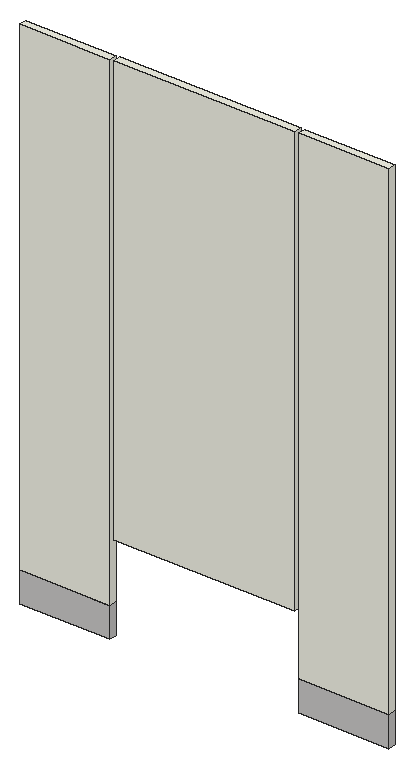
Revit family
Parameters (values of type "B-1181")
  URL = "http://www.bobrick.com"
  Partition Material = Laminated Plastic - Bobrick - Designer White
  Panel Value = if(DoorPanel Width < 1", 1", if(DoorPanel Width > 84", 84", DoorPanel Width))  # 24"
  Model = "B1181 DuraLineSeries Floor-Anchored"
  Manufacturer = "Bobrick Washroom Equipment, Inc."
  Inswing Value = if(DoorPanel Width < 22", 22", if(DoorPanel Width > 37", 37", DoorPanel Width))  # 24"
  DoorPanel Width = 24"
  Right Stile Width = 12"
  Right Stile Visible = yes
  Right Stile Value = if(Right Stile Width < 3", 3", if(Right Stile Width > 24", 24", Right Stile Width))  # 12"
  Panel = not(Door Panel)  # no
  Outswing Value = if(DoorPanel Width < 25", 25", if(DoorPanel Width > 37", 37", DoorPanel Width))  # 25"
  Outswing = and(not(Inswing Visibility), Door Panel)  # no
  Left Stile Width = 12"
  Left Stile Visible = yes
  Left Stile Value = if(Left Stile Width < 3", 3", if(Left Stile Width > 24", 24", Left Stile Width))  # 12"
  Inswing Visibility = and(Inswing, Door Panel)  # yes
  Inswing = yes
  Width Value = if(Inswing Visibility, Inswing Value, if(Outswing, Outswing Value, if(Panel, Panel Value, 36")))  # 24"
  Door Panel = yes
  Description = "Class A Fire-Resistant Solid Phenolic Partitions and Screens"
  Assembly Code = "C1030200"
  ADA Compliant = yes
Reference planes (in)
  plane 1 "Center (Front/Back)": y = 0
  plane 2: z = 0
  plane 3 "Center (Left/Right)": x = 0
  plane 4: x = -24.5
  plane 5: x = 24.5
  plane 6: y = 0.5
  plane 7: y = -0.5
  plane 8: x = -12.5
  plane 9: x = 12.5
  plane 10: x = -12
  plane 11: x = 12
  plane 12: z = 4
  plane 13: z = 12
  plane 14: z = 69
  plane 15: z = 40.5
  plane 16: y = 24.5
  plane 17: x = 11
Forms (in)
  Extrusion 1, solid, material "Laminated Plastic - Bobrick - Designer White" <- "Partition Material", visible <- "Left Stile Visible"
    sketch origin (0, 0, 0) x (1, 0, 0) y (0, 1, 0)
      loop
        line (-24.5, 0.5) -> (-24.5, -0.5) -> (-12.5, -0.5) -> (-12.5, 0.5) -> (-24.5, 0.5)
    from 4 to 69
  Extrusion 2, solid, material "Stainless Steel - Bobrick - Satin", visible <- "Left Stile Visible"
    sketch origin (0, 0, 0) x (1, 0, 0) y (0, 1, 0)
      loop
        line (-24.5, 0.5) -> (-24.5, -0.5) -> (-12.5, -0.5) -> (-12.5, 0.5) -> (-24.5, 0.5)
    from 0 to 4
  Extrusion 3, solid, material "Laminated Plastic - Bobrick - Designer White" <- "Partition Material"
    sketch origin (0, 0, 0) x (1, 0, 0) y (0, 1, 0)
      loop
        line (-12, 0.5) -> (-12, -0.5) -> (12, -0.5) -> (12, 0.5) -> (-12, 0.5)
    from 12 to 69
  Extrusion 4, solid, material "Laminated Plastic - Bobrick - Designer White" <- "Partition Material", visible <- "Right Stile Visible"
    sketch origin (0, 0, 0) x (-1, 0, 0) y (0, -1, 0)
      loop
        line (-24.5, -0.5) -> (-12.5, -0.5) -> (-12.5, 0.5) -> (-24.5, 0.5) -> (-24.5, -0.5)
    from 4 to 69
  Extrusion 5, solid, material "Stainless Steel - Bobrick - Satin", visible <- "Right Stile Visible"
    sketch origin (0, 0, 0) x (-1, 0, 0) y (0, -1, 0)
      loop
        line (-24.5, -0.5) -> (-12.5, -0.5) -> (-12.5, 0.5) -> (-24.5, 0.5) -> (-24.5, -0.5)
    from 0 to 4
Lines and regions (in)
  Masking region 1, visible <- "Left Stile Visible"
    outline origin (0, 0, 0) x (1, 0, 0) y (0, 0, 1)
      loop
        line (-24.5, 69) -> (-24.5, 0) -> (-12.5, 0) -> (-12.5, 69) -> (-24.5, 69)
  Masking region 2
    outline origin (0, 0, 0) x (1, 0, 0) y (0, 0, 1)
      loop
        line (-12, 69) -> (-12, 12) -> (12, 12) -> (12, 69) -> (-12, 69)
  Masking region 3, visible <- "Right Stile Visible"
    outline origin (0, 0, 0) x (1, 0, 0) y (0, 0, 1)
      loop
        line (12.5, 69) -> (12.5, 0) -> (24.5, 0) -> (24.5, 69) -> (12.5, 69)
  Masking region 4, visible <- "Door Panel"
    outline origin (0, 0, 0) x (1, 0, 0) y (0, 1, 0)
      loop
        line (11, 24.5) -> (11, 0.5) -> (12, 0.5) -> (12, 24.5) -> (11, 24.5)
  Masking region 5, visible <- "Left Stile Visible"
    outline origin (0, 0, 0) x (1, 0, 0) y (0, 1, 0)
      loop
        line (-24.5, 0.5) -> (-24.5, -0.5) -> (-12.5, -0.5) -> (-12.5, 0.5) -> (-24.5, 0.5)
  Masking region 6, visible <- "Right Stile Visible"
    outline origin (0, 0, 0) x (1, 0, 0) y (0, 1, 0)
      loop
        line (12.5, 0.5) -> (12.5, -0.5) -> (24.5, -0.5) -> (24.5, 0.5) -> (12.5, 0.5)
  Masking region 7, visible <- "Panel"
    outline origin (0, 0, 0) x (1, 0, 0) y (0, 1, 0)
      loop
        line (-12, -0.5) -> (12, -0.5) -> (12, 0.5) -> (-12, 0.5) -> (-12, -0.5)
  Masking region 8
    outline origin (0, 0, 0) x (0, 1, 0) y (0, 0, 1)
      loop
        line (0.5, 69) -> (-0.5, 69) -> (-0.5, 0) -> (0.5, 0) -> (0.5, 69)
  symbolic lines, visible <- "Left Stile Visible"
    curve 1: line (-24.5, 0, 4) -> (-12.5, 0, 4)
  symbolic lines, visible <- "Right Stile Visible"
    curve 2: line (12.5, 0, 4) -> (24.5, 0, 4)
  symbolic lines, style "Partition Elevation Swing", visible <- "Door Panel"
    curve 3: line (-12, 0, 69) -> (12, 0, 40.39791)
    curve 4: line (12, 0, 40.39791) -> (-12, 0, 12)
    curve 5: arc (-12, 0.5, 0) -> (-4.97056, 17.47056, 0) -> (12, 24.5, 0) r 24
  symbolic lines, style "Partition"
    curve 6: line (0, 0.5, 4) -> (0, -0.5, 4)
Dimensions and locks (in)
  equal spacing: host sketch curve, plane 1 "Center (Front/Back)", host sketch curve
  equal spacing: host sketch curve, plane 3 "Center (Left/Right)", host sketch curve
  host sketch curve to host sketch curve = 120"  (x2)
  locked: plane 8 to plane 10 at 0.5
  locked: plane 11 to plane 9 at 0.5
  "Width Value": plane 10 to plane 11
  equal spacing: plane 10, plane 3 "Center (Left/Right)", plane 11
  "Left Stile Value": plane 4 to plane 8
  "Right Stile Value": plane 9 to plane 5
  locked: plane 12 to level at 4
  locked: plane 13 to level at 12
  locked: plane 14 to level at 69
  locked: plane 6 to plane 7 at 1
  equal spacing: plane 6, plane 1 "Center (Front/Back)", plane 7
  equal spacing: plane 14, plane 15, plane 13
  "Width Value": plane 16 to plane 6
  locked: plane 17 to plane 11 at 1
  aligned and locked: level to plane 2
  aligned and locked: Extrusion 1 sketch curve to plane 6
  aligned and locked: plane 4 to Extrusion 1 sketch curve
  aligned and locked: plane 7 to Extrusion 1 sketch curve
  aligned and locked: Extrusion 1 sketch curve to plane 8
  aligned: Extrusion 1 to level
  aligned and locked: plane 14 to Extrusion 1
  aligned and locked: Extrusion 1 to plane 12
  aligned and locked: plane 4 to Extrusion 2 sketch curve
  aligned and locked: Extrusion 2 sketch curve to plane 6
  aligned and locked: Extrusion 2 sketch curve to plane 8
  aligned and locked: plane 7 to Extrusion 2 sketch curve
  aligned and locked: plane 12 to Extrusion 2
  aligned and locked: Extrusion 2 to level
  aligned and locked: plane 10 to Extrusion 3 sketch curve
  aligned and locked: Extrusion 3 sketch curve to plane 6
  aligned and locked: plane 7 to Extrusion 3 sketch curve
  aligned and locked: Extrusion 3 sketch curve to plane 11
  aligned and locked: plane 14 to Extrusion 3
  aligned and locked: Extrusion 3 to plane 13
  aligned and locked: Extrusion 5 sketch curve to plane 9
  aligned and locked: plane 6 to Extrusion 5 sketch curve
  aligned and locked: plane 5 to Extrusion 5 sketch curve
  aligned and locked: Extrusion 5 sketch curve to plane 7
  aligned and locked: Extrusion 4 sketch curve to plane 9
  aligned and locked: plane 6 to Extrusion 4 sketch curve
  aligned and locked: Extrusion 4 sketch curve to plane 7
  aligned and locked: plane 5 to Extrusion 4 sketch curve
  aligned and locked: plane 14 to Extrusion 4
  aligned and locked: Masking region 1 sketch curve to plane 14
  aligned and locked: Masking region 1 sketch curve to plane 4
  aligned and locked: Masking region 1 sketch curve to level
  aligned and locked: Masking region 1 sketch curve to plane 8
  aligned and locked: Masking region 2 sketch curve to plane 14
  aligned and locked: Masking region 2 sketch curve to plane 10
  aligned and locked: Masking region 2 sketch curve to plane 11
  aligned and locked: Masking region 2 sketch curve to plane 13
  aligned and locked: Masking region 3 sketch curve to plane 14
  aligned and locked: Masking region 3 sketch curve to plane 9
  aligned and locked: Masking region 3 sketch curve to plane 5
  aligned and locked: Masking region 3 sketch curve to level
  aligned and locked: curve 1 to plane 12
  aligned and locked: plane 4 to curve 1
  aligned and locked: plane 8 to curve 1
  aligned and locked: curve 2 to plane 12
  aligned and locked: plane 5 to curve 2
  aligned and locked: plane 9 to curve 2
  aligned and locked: plane 14 to curve 3
  aligned and locked: plane 10 to curve 3
  aligned and locked: plane 11 to curve 4
  aligned and locked: plane 10 to curve 4
  aligned and locked: plane 13 to curve 4
  aligned and locked: Masking region 4 sketch curve to plane 16
  aligned and locked: plane 17 to Masking region 4 sketch curve
  aligned and locked: plane 6 to Masking region 4 sketch curve
  aligned and locked: Masking region 4 sketch curve to plane 11
  aligned and locked: Masking region 5 sketch curve to plane 6
  aligned and locked: plane 4 to Masking region 5 sketch curve
  aligned and locked: plane 7 to Masking region 5 sketch curve
  aligned and locked: Masking region 5 sketch curve to plane 8
  aligned and locked: Masking region 6 sketch curve to plane 6
  aligned and locked: plane 9 to Masking region 6 sketch curve
  aligned and locked: plane 7 to Masking region 6 sketch curve
  aligned and locked: Masking region 6 sketch curve to plane 5
  aligned and locked: Masking region 4 to curve 5
  aligned and locked: plane 10 to curve 5
  aligned and locked: plane 6 to curve 5  (x2)
  aligned and locked: plane 11 to curve 5
  aligned and locked: Masking region 7 sketch curve to plane 7
  aligned and locked: Masking region 7 sketch curve to plane 10
  aligned and locked: plane 6 to Masking region 7 sketch curve
  aligned and locked: plane 11 to Masking region 7 sketch curve
  aligned and locked: level to Masking region 8 sketch curve
  aligned and locked: Masking region 8 sketch curve to plane 14
  aligned and locked: Masking region 8 sketch curve to plane 6
  aligned and locked: plane 7 to Masking region 8 sketch curve
  aligned and locked: plane 12 to curve 6
  aligned and locked: plane 7 to curve 6
  aligned and locked: plane 6 to curve 6
  aligned and locked: Extrusion 5 to level
  aligned and locked: Extrusion 4 to plane 12
  aligned and locked: plane 12 to Extrusion 5
Automatic sketch dimensions
  curve 4 to plane 15 = 0.10209"
